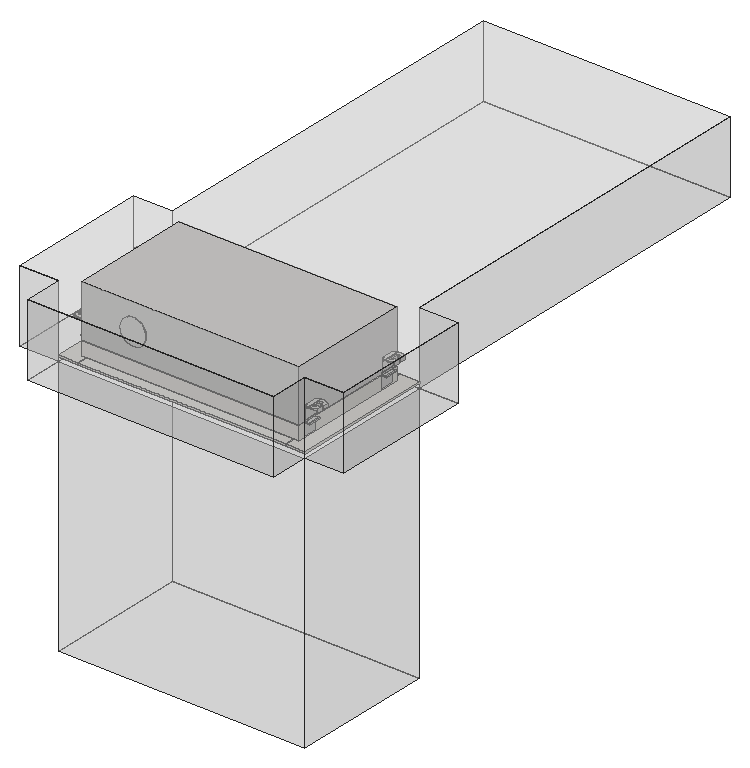
Revit family "outputfile", category 機械設備, Revit 2024
Family settings
  丸型コネクタ寸法 = 半径を使用
  パーツ タイプ = 標準
  OmniClass 番号 = 23.75.10.24.21.27.27
  OmniClass タイトル = Split System Air Conditioning Units
  作業面ベース = いいえ
  常に垂直 = はい
  ロード時にボイドで切り取り = いいえ
  注釈の向きを維持 = いいえ
  共有 = いいえ
  部屋計算ポイント = はい
Parameters (values of type "FXEQ25AV36")
  製造元 = "Daikin"
  書き出し IFC クラス(タイプ) = "IfcUnitaryEquipmentType"
  定義済み IFC タイプ(タイプ) = "AIRCONDITIONINGUNIT"
  モデル = "FXEQ25AV36"
  w_mountinghole = if(Width = 1350 mm, 1303 mm, 903 mm)  # 903 mm
  w_casing = if(Width = 1350 mm, 1240 mm, 840 mm)  # 840 mm
  r_OAduct = OA Duct Size Diameter / 2  # 50 mm
  r_Liquid Pipe Size = Liquid Pipe Size / 2  # 3.2 mm
  r_Gas Pipe Size = Gas Pipe Size / 2  # 6.35 mm
  r_Drain Pipe Size = Drain Pipe Size / 2  # 13.0 mm
  lw_powersuply = w_casing / 2 + 1.5 mm  # 421.5 mm
  lw_gaspipe = w_casing / 2 + 65 mm  # 485 mm
  lw_drainpipe = w_casing / 2 + 32 mm  # 452 mm
  lw_liquidpipe = w_casing / 2 + 55 mm  # 475 mm
  lw_OA = if(Width = 1350 mm, 420 mm, 220 mm)  # 220 mm
  lh_powersuply = 129.2 mm
  lh_liquidpipe = 180 mm
  lh_gaspipe = 138 mm
  lh_drainpipe = 215 mm
  lh_OA = 65 mm
  ld_powersuply = 64.2 mm
  ld_liquidpipe = 26 mm
  ld_gaspipe = 72 mm
  ld_drainpipe = 69 mm
  ld_OA = 235 mm
  h_mountinghole = 115 mm
  h_casing = 255 mm
  h_antenna = h_casing - h_mountinghole + 1 mm  # 141 mm
  d_mountinghole = 371 mm
  d_casing = 470 mm
  Width = 950 mm
  Voltage_comment_50Hz = "220-240"
  Voltage_50Hz = 220 V
  Version = "ver.1.0"
  Unit Type = "Ceiling Mounted Cassette(Single Flow）"
  Unit Mass Weight = 17.00 kg
  Unit Designation [instance] = ""
  Uniclass2015Version = "Products v1.30"
  Uniclass2015Title = "Variable refrigerant flow units"
  Uniclass2015Code = "Pr_70_65_03_94"
  Total Heating Capacity [instance] = 0.000 kW
  Total Cooling Capacity [instance] = 0.000 kW
  Sound Pressure Level_M speed (dBA) = 30
  Sound Pressure Level_L speed (dBA) = 28
  Sound Pressure Level_H speed (dBA) = 32
  Series = "VRV Fan Coil Unit"
  Sensible Cooling Capacity [instance] = 0.000 kW
  Refrigerant Type = "R410A"
  Power Input (Heating) = 0.023 kW
  Power Input (Cooling) = 0.027 kW
  Phase_50Hz = 1
  Option Accessory 3 [instance] = ""
  Option Accessory 2 [instance] = ""
  Option Accessory 1 [instance] = ""
  OA Duct Size Diameter = 100 mm
  Nominal Heating Capacity = 3.200 kW
  Nominal Cooling Capacity = 2.800 kW
  Minimum Circuit Amps_50Hz = 0.4 A
  Minimum Airflow = 288.00 m³/h
  Median Airflow = 348.00 m³/h
  Maximum Fuse Amps_50Hz = 16.0 A
  Maximum Airflow = 414.00 m³/h
  Material_Casing = DAIKIN_GalvanizedSteel_Casing_indoorunit
  Load Classification = HVAC
  Liquid Pipe Size = 6.4 mm
  Link_Nested Family [instance] = ""
  IfcVersion = ""
  IfcExportType = "AIRCONDITIONINGUNIT"
  IfcExportAs = "IfcUnitaryEquipmentType"
  Height = 280 mm
  Heating Entering Wet Bulb Temperature [instance] = 0.00 °C
  Heating Entering Dry Bulb Temperature [instance] = 0.00 °C
  Heating Ambient Wet Bulb Temperature [instance] = 0.00 °C
  Heating Ambient Dry Bulb Temperature [instance] = 0.00 °C
  Heat Exchanger Type = "Cross Fin Coil"
  Gas Pipe Size = 12.7 mm
  Frequency_50Hz = 50 Hz
  Fan Type = "Sirocco Fan"
  Fan Drive = "Direct Drive"
  FCU Tag No. [instance] = ""
  Drain Pipe Size = 26.0 mm
  Design Supply Airflow [instance] = 0.00 m³/h
  Design Outdoor Airflow [instance] = 0.00 m³/h
  Depth = 550 mm
  既定の高さ = 0 mm
  Cooling Entering Wet Bulb Temperature [instance] = 0.00 °C
  Cooling Entering Dry Bulb Temperature [instance] = 0.00 °C
  Cooling Ambient Wet Bulb Temperature [instance] = 0.00 °C
  Cooling Ambient Dry Bulb Temperature [instance] = 0.00 °C
  Clearance visibility [instance] = yes
  Clearance Top = 0 mm
  Clearance Right = 150 mm
  Clearance Rear = 1500 mm
  Clearance Left = 150 mm
  Clearance Front = 150 mm
  Clearance Bottom = 1000 mm
Reference planes
  plane 1 "Center (Front/Back)": y = 0
  plane 2 "ceiling plane": z = 0
  plane 3 "Center (Left/Right)": x = 0
  plane 4 "Back": y = 275
  plane 5 "Front": y = -275
  plane 6 "Left": x = -475
  plane 7 "Right": x = 475
  plane 8 "Top": z = 255
  plane 9 "Bottom": z = -25
  plane 10: x = -420
  plane 11: x = 420
  plane 12: y = 235
  plane 13: y = -235
  plane 14: x = 170
  plane 15: y = 185.5
  plane 16: y = -185.5
  plane 17: x = -451.5
  plane 18: x = 451.5
  plane 19: y = 26
  plane 20: y = 72
  plane 21: y = 69
  plane 22: x = -475
  plane 23: x = -485
  plane 24: x = -452
  plane 25 "Clearance Rear": y = 1775
  plane 26 "Clearance Front": y = -425
  plane 27 "Clearance Left": x = -625
  plane 28 "Clearance Right": x = 625
  plane 29 "Clearance Top": z = 255
  plane 30 "Clearance Bottom": z = -1025
  plane 31: y = -64.2
  plane 32: z = 190
  plane 33: z = 215
  plane 34: y = 69
  plane 35: z = 180
  plane 36: y = 26
  plane 37: z = 138
  plane 38: y = 72
  plane 39: x = -220
Forms (mm)
  Extrusion 1, solid, material "DAIKIN_GalvanizedSteel_Casing_indoorunit" <- "Material_Casing"
    sketch origin (0, 0, 0) x (1, 0, 0) y (0, 1, 0)
      loop
        line (-420, 235) -> (-420, -235) -> (420, -235) -> (420, 235) -> (-420, 235)
    from 55 to 255
  Extrusion 2, solid, material "DAIKIN_GalvanizedSteel_Casing_indoorunit" <- "Material_Casing"
    sketch origin (-1374.64, 235, 1200) x (-1, 0, 0) y (0, 0, 1)
      loop
        circle (-1154.64, -1048) r 50
    from -465 to -470
  Extrusion 3, solid, material "DAIKIN_GalvanizedSteel_Casing_indoorunit" <- "Material_Casing"
    sketch origin (-420, 1296.25, 1200) x (0, 1, 0) y (0, 0, 1)
      loop
        line (-1243.249, -1006) -> (-1211.249, -1006)
        arc (-1211.249, -1006) -> (-1207.714, -1004.536) -> (-1206.249, -1001) r 5
        line (-1206.249, -1001) -> (-1206.249, -969)
        arc (-1206.249, -969) -> (-1207.714, -965.464) -> (-1211.249, -964) r 5
        line (-1211.249, -964) -> (-1243.249, -964)
        arc (-1243.249, -964) -> (-1246.785, -965.464) -> (-1248.249, -969) r 5
        line (-1248.249, -969) -> (-1248.249, -1001)
        arc (-1248.249, -1001) -> (-1246.785, -1004.536) -> (-1243.249, -1006) r 5
    from 0 to -3
  Extrusion 4, solid, material "DAIKIN_GalvanizedSteel_Casing_indoorunit" <- "Material_Casing"
    sketch origin (0, 0, 0) x (1, 0, 0) y (0, 0, 1)
      loop
        line (-438.5, 45) -> (-439.7, 45) -> (-439.7, 30.5)
        arc (-439.7, 30.5) -> (-439.202, 29.298) -> (-438, 28.8) r 1.7
        line (-438, 28.8) -> (-420, 28.8) -> (-420, 30) -> (-438.5, 30) -> (-438.5, 45)
    from 40 to 90
  Extrusion 5, solid, material "DAIKIN_GalvanizedSteel_Casing_indoorunit" <- "Material_Casing"
    sketch origin (0, 0, 0) x (1, 0, 0) y (0, 0, 1)
      loop
        line (-438.5, 31) -> (-437.5, 31) -> (-437.5, 90.772)
        arc (-437.5, 90.772) -> (-437.145, 91.289) -> (-436.535, 91.145) r 0.555
        line (-436.535, 91.145) -> (-428.37, 82.164) -> (-427.63, 82.836) -> (-428.303, 83.576) -> (-435.89, 91.922)
        arc (-435.89, 91.922) -> (-437.541, 92.312) -> (-438.5, 90.913) r 1.5
        line (-438.5, 90.913) -> (-438.5, 31)
    from 40 to 90
  Extrusion 6, solid, material "DAIKIN_GalvanizedSteel_Casing_indoorunit" <- "Material_Casing"
    sketch origin (-420, 1296.25, 1200) x (0, 1, 0) y (0, 0, 1)
      loop
        circle (-1360.45, -1070.8) r 17.5
      loop
        circle (-1415.45, -1105.8) r 17.5
    from 0 to -1.5
  Extrusion 7, solid
    sketch origin (-265.5, 334.5, 0) x (0, 1, 0) y (0, 0, 1)
      loop
        circle (-265.5, 215) r 13
    from -154.5 to -186.5
  Extrusion 8, solid
    sketch origin (-420, 1296.25, 1200) x (0, 1, 0) y (0, 0, 1)
      loop
        circle (-1270.25, -1020) r 3.2
    from 0 to -55
  Extrusion 9, solid
    sketch origin (7, 137, 0) x (0, 1, 0) y (0, 0, 1)
      loop
        circle (-65, 138) r 6.35
    from -427 to -492
  Extrusion 10, solid, material "DAIKIN_GalvanizedSteel_Casing_indoorunit" <- "Material_Casing"
    sketch origin (-420, 1296.25, 1200) x (0, 1, 0) y (0, 0, 1)
      loop
        line (-1239.914, -1060.321) -> (-1240.938, -1060.321)
        arc (-1240.938, -1060.321) -> (-1241.786, -1060.672) -> (-1242.138, -1061.521) r 1.2
        line (-1242.138, -1061.521) -> (-1242.138, -1062.819) -> (-1250.138, -1062.821) -> (-1250.138, -1017.143)
        arc (-1250.138, -1017.143) -> (-1250.43, -1016.436) -> (-1251.138, -1016.143) r 1
        line (-1251.138, -1016.143) -> (-1257.415, -1016.143)
        arc (-1257.415, -1016.143) -> (-1258.122, -1016.436) -> (-1258.415, -1017.143) r 1
        line (-1258.415, -1017.143) -> (-1258.415, -1020)
        arc (-1258.415, -1020) -> (-1270.25, -1031.835) -> (-1282.086, -1020) r 11.835
        line (-1282.086, -1020) -> (-1282.086, -1017.143)
        arc (-1282.086, -1017.143) -> (-1282.379, -1016.436) -> (-1283.086, -1016.143) r 1
        line (-1283.086, -1016.143) -> (-1306.138, -1016.143)
        arc (-1306.138, -1016.143) -> (-1308.259, -1017.022) -> (-1309.138, -1019.143) r 3
        line (-1309.138, -1019.143) -> (-1309.138, -1145) -> (-1189.638, -1145) -> (-1189.638, -1063.321)
        arc (-1189.638, -1063.321) -> (-1190.516, -1061.199) -> (-1192.638, -1060.321) r 3
        line (-1192.638, -1060.321) -> (-1209.75, -1060.321) -> (-1209.75, -1062)
        arc (-1209.75, -1062) -> (-1224.485, -1076.498) -> (-1238.743, -1061.53) r 14.5
        arc (-1238.743, -1061.53) -> (-1239.072, -1060.677) -> (-1239.914, -1060.321) r 1.172
    from 0 to -1
Dimensions and locks
  "Width": plane 6 "Left" to plane 7 "Right"
  "Depth": plane 4 "Back" to plane 5 "Front"
  "Height": plane 8 "Top" to plane 9 "Bottom"
  equal spacing: plane 12, plane 1 "Center (Front/Back)", plane 13
  "d_casing": plane 12 to plane 13
  equal spacing: plane 6 "Left", plane 3 "Center (Left/Right)", plane 7 "Right"
  "w_casing": plane 10 to plane 11
  locked: plane 14 to plane 11 at 250
  "h_casing": plane 8 "Top" to level
  equal spacing: plane 15, plane 1 "Center (Front/Back)", plane 16
  "d_mountinghole": plane 15 to plane 16
  equal spacing: plane 17, plane 3 "Center (Left/Right)", plane 18
  "w_mountinghole": plane 17 to plane 18
  "ld_liquidpipe": plane 1 "Center (Front/Back)" to plane 19
  "ld_gaspipe": plane 1 "Center (Front/Back)" to plane 20
  "ld_drainpipe": plane 1 "Center (Front/Back)" to plane 21
  "Clearance Left": plane 27 "Clearance Left" to plane 6 "Left"
  "Clearance Right": plane 7 "Right" to plane 28 "Clearance Right"
  "Clearance Front": plane 5 "Front" to plane 26 "Clearance Front"
  "Clearance Rear": plane 25 "Clearance Rear" to plane 4 "Back"
  "Clearance Top": plane 29 "Clearance Top" to plane 8 "Top"
  "Clearance Bottom": plane 9 "Bottom" to plane 30 "Clearance Bottom"
  "lh_OA": plane 29 "Clearance Top" to plane 32
  equal spacing: plane 4 "Back", plane 1 "Center (Front/Back)", plane 5 "Front"
  equal spacing: plane 10, plane 3 "Center (Left/Right)", plane 11
  "lw_OA": plane 3 "Center (Left/Right)" to Extrusion 2 sketch curve
  Extrusion 2 sketch curve to level = 152 mm
  locked: plane 10 to Extrusion 4 sketch curve at 18.5
  locked: Extrusion 4 sketch curve to Extrusion 4 sketch curve at 1.2
  locked: Extrusion 4 to Extrusion 5 sketch curve at 1
  "ld_powersuply": plane 31 to plane 1 "Center (Front/Back)"
  "lw_drainpipe": plane 24 to plane 3 "Center (Left/Right)"
  "ld_drainpipe": plane 34 to plane 1 "Center (Front/Back)"
  locked: Extrusion 7 sketch curve to level at 215
  "lw_liquidpipe": plane 22 to plane 3 "Center (Left/Right)"
  "lw_gaspipe": plane 23 to plane 3 "Center (Left/Right)"
  "lw_OA": plane 39 to plane 3 "Center (Left/Right)"
  "r_Drain Pipe Size": radius of Extrusion 7 sketch curve
  "r_Liquid Pipe Size": radius of Extrusion 8 sketch curve
  "r_Gas Pipe Size": radius of Extrusion 9 sketch curve
  aligned and locked: level to plane 2 "ceiling plane"
  aligned and locked: plane 6 "Left" to nested 1
  aligned and locked: plane 9 "Bottom" to nested 1
  aligned and locked: Extrusion 1 sketch curve to plane 10
  aligned and locked: plane 12 to Extrusion 1 sketch curve
  aligned and locked: Extrusion 1 sketch curve to plane 13
  aligned and locked: plane 11 to Extrusion 1 sketch curve
  aligned and locked: plane 8 "Top" to Extrusion 1
  aligned and locked: plane 11 to nested 2
  aligned and locked: plane 10 to nested 3
  aligned and locked: nested 7 to plane 15
  aligned and locked: plane 18 to nested 7
  aligned and locked: nested 6 to plane 16
  aligned and locked: plane 18 to nested 6
  aligned and locked: nested 4 to plane 15
  aligned and locked: plane 17 to nested 4
  aligned and locked: nested 5 to plane 16
  aligned and locked: plane 17 to nested 5
  aligned and locked: plane 1 "Center (Front/Back)" to nested 8
  aligned and locked: plane 3 "Center (Left/Right)" to nested 8
  aligned and locked: plane 29 "Clearance Top" to nested 8
  aligned and locked: plane 1 "Center (Front/Back)" to nested 1
  aligned and locked: plane 3 "Center (Left/Right)" to nested 1
  aligned and locked: nested 3 to plane 15
  aligned and locked: nested 9 to plane 16
  aligned and locked: plane 10 to nested 9
  aligned and locked: plane 15 to nested 2
  aligned and locked: plane 16 to nested 10
  aligned and locked: plane 11 to nested 10
  aligned and locked: Extrusion 2 to plane 13
  aligned and locked: Extrusion 4 sketch curve to plane 10
  aligned and locked: Extrusion 4 to Extrusion 5 sketch curve
  aligned and locked: plane 3 "Center (Left/Right)" to nested 11
  aligned and locked: nested 12 to plane 3 "Center (Left/Right)"
  aligned and locked: plane 34 to Extrusion 7 sketch curve
  aligned and locked: Extrusion 7 to plane 24
  aligned and locked: plane 10 to Extrusion 7
  aligned and locked: nested 13 to plane 19
  aligned and locked: nested 13 to plane 3 "Center (Left/Right)"
  aligned and locked: plane 35 to Extrusion 8 sketch curve
  aligned and locked: plane 36 to Extrusion 8 sketch curve
  aligned and locked: Extrusion 8 to plane 22
  aligned and locked: nested 14 to plane 3 "Center (Left/Right)"
  aligned and locked: plane 37 to Extrusion 9 sketch curve
  aligned and locked: plane 38 to Extrusion 9 sketch curve
  aligned and locked: Extrusion 9 to plane 23
  aligned and locked: plane 10 to Extrusion 9
  aligned and locked: plane 39 to nested 15
  aligned and locked: plane 1 "Center (Front/Back)" to nested 15
Automatic sketch dimensions
  Extrusion 3 sketch curve to plane 1 "Center (Front/Back)" = 48.001 mm
  Extrusion 3 sketch curve to Extrusion 3 sketch curve = 5 mm  (x3)
  plane 32 to Extrusion 3 sketch curve = 4 mm
  Extrusion 3 sketch curve to Extrusion 3 sketch curve = 32 mm
  Extrusion 3 sketch curve to Extrusion 3 sketch curve = 0 mm
  Extrusion 3 sketch curve to plane 8 "Top" = 24 mm
  plane 17 to Extrusion 4 sketch curve = 13.5 mm
  level to Extrusion 4 sketch curve = 28.8 mm
  Extrusion 4 sketch curve to Extrusion 4 sketch curve = 0.5 mm
  Extrusion 4 sketch curve to Extrusion 4 sketch curve = 14.5 mm
  Extrusion 5 sketch curve to Extrusion 5 sketch curve = 0.5 mm
  Extrusion 5 sketch curve to Extrusion 5 sketch curve = 0.055 mm
  Extrusion 5 sketch curve to Extrusion 5 sketch curve = 0.465 mm
  Extrusion 5 sketch curve to Extrusion 5 sketch curve = 0.645 mm
  Extrusion 5 sketch curve to plane 10 = 8.37 mm
  Extrusion 5 sketch curve to Extrusion 5 sketch curve = 0.067 mm
  Extrusion 5 sketch curve to Extrusion 5 sketch curve = 0.673 mm  (x2)
  level to Extrusion 5 sketch curve = 31 mm
  Extrusion 5 sketch curve to Extrusion 5 sketch curve = 51.164 mm
  Extrusion 5 sketch curve to Extrusion 5 sketch curve = 0.74 mm
  Extrusion 5 sketch curve to Extrusion 5 sketch curve = 0.141 mm
  Extrusion 10 sketch curve to plane 19 = 0 mm
  Extrusion 10 sketch curve to plane 20 = 0 mm
  Extrusion 10 sketch curve to Extrusion 10 sketch curve = 11.835 mm
  Extrusion 10 sketch curve to Extrusion 10 sketch curve = 1 mm  (x2)
  Extrusion 10 sketch curve to plane 32 = 6.143 mm
  plane 1 "Center (Front/Back)" to Extrusion 10 sketch curve = 9.887 mm
  plane 1 "Center (Front/Back)" to Extrusion 10 sketch curve = 12.887 mm
  Extrusion 10 sketch curve to Extrusion 10 sketch curve = 6.277 mm
  plane 19 to Extrusion 10 sketch curve = 20.113 mm
  Extrusion 10 sketch curve to Extrusion 10 sketch curve = 8 mm
  Extrusion 10 sketch curve to Extrusion 10 sketch curve = 1.2 mm
  Extrusion 10 sketch curve to Extrusion 10 sketch curve = 1.024 mm
  Extrusion 10 sketch curve to Extrusion 10 sketch curve = 0 mm  (x3)
  plane 20 to Extrusion 10 sketch curve = 14.5 mm
  Extrusion 10 sketch curve to Extrusion 10 sketch curve = 17.113 mm
  Extrusion 10 sketch curve to Extrusion 10 sketch curve = 3 mm
  Extrusion 10 sketch curve to plane 32 = 10 mm
  Extrusion 10 sketch curve to Extrusion 10 sketch curve = 40.321 mm
  Extrusion 10 sketch curve to Extrusion 10 sketch curve = 1.172 mm
  Extrusion 10 sketch curve to Extrusion 10 sketch curve = 1.679 mm
  Extrusion 10 sketch curve to Extrusion 10 sketch curve = 1.298 mm
  Extrusion 10 sketch curve to Extrusion 10 sketch curve = 0.002 mm
  level to Extrusion 10 sketch curve = 55 mm
  Extrusion 10 sketch curve to Extrusion 10 sketch curve = 2.857 mm
  radius of Extrusion 2 sketch curve = 50 mm
Nested families
  nested 1: "daikin_round flow_panel" at (0, 0, 0), type "fresh white"
  nested 2: "daikin_hangerfixture_FXEQ-AV36" at (420, 185.5, 115) x (0, 1, 0) z (0, 0, 1), built-in parameter 1001364 <- "h_mountinghole", type "daikin_hangerfixture_FXEQ-AV36"
  nested 3: "daikin_hangerfixture_FXEQ-AV36" at (-420, 185.5, 115) x (0, 1, 0) z (0, 0, 1), built-in parameter 1001364 <- "h_mountinghole", type "daikin_hangerfixture_FXEQ-AV36"
  nested 4: "daikin_mountinghole" at (-451.5, 185.5, 0), l_antenna <- "h_antenna", Link_Nested Family <- "Link_Nested Family", h_mountinghole <- "h_mountinghole", type "daikin_mountinghole"
    with show yes, l_antenna 141 mm, h_mountinghole 115 mm, Link_Nested Family ""
  nested 5: "daikin_mountinghole" at (-451.5, -185.5, 0), l_antenna <- "h_antenna", Link_Nested Family <- "Link_Nested Family", h_mountinghole <- "h_mountinghole", type "daikin_mountinghole"
    with show yes, l_antenna 141 mm, h_mountinghole 115 mm, Link_Nested Family ""
  nested 6: "daikin_mountinghole" at (451.5, -185.5, 0), l_antenna <- "h_antenna", Link_Nested Family <- "Link_Nested Family", h_mountinghole <- "h_mountinghole", type "daikin_mountinghole"
    with show yes, l_antenna 141 mm, h_mountinghole 115 mm, Link_Nested Family ""
  nested 7: "daikin_mountinghole" at (451.5, 185.5, 0), l_antenna <- "h_antenna", Link_Nested Family <- "Link_Nested Family", h_mountinghole <- "h_mountinghole", type "daikin_mountinghole"
    with show yes, l_antenna 141 mm, h_mountinghole 115 mm, Link_Nested Family ""
  nested 8: "daikin_clearancespace_cassette" at (0, 0, 115), depth_outline <- "Depth", height_outline <- "Height", width_outline <- "Width", depth_front <- "Clearance Front", depth_rear <- "Clearance Rear", height_bottom <- "Clearance Bottom", height_top <- "Clearance Top", width_left <- "Clearance Left", width_right <- "Clearance Right", show <- "Clearance visibility", visible <- "Clearance visibility", Link_Nested Family <- "Link_Nested Family", type "daikin_clearancespace_cassette"
    with width_right 150 mm, width_outline 950 mm, width_left 150 mm, width 1823.963 mm, show yes, height_top 0 mm, height_outline 280 mm, height_bottom 1000 mm, height 1359.762 mm, depth_rear 1500 mm, depth_outline 550 mm, depth_front 150 mm, depth 880 mm, Link_Nested Family ""
  nested 9: "daikin_hangerfixture_FXEQ-AV36" at (-420, -185.5, 115) x (0, 1, 0) z (0, 0, 1), built-in parameter 1001364 <- "h_mountinghole", type "daikin_hangerfixture_FXEQ-AV36"
  nested 10: "daikin_hangerfixture_FXEQ-AV36" at (420, -185.5, 115) x (0, 1, 0) z (0, 0, 1), built-in parameter 1001364 <- "h_mountinghole", type "daikin_hangerfixture_FXEQ-AV36"
  nested 11: "daikin_connector_rotate2" at (0, -64.2, 129.2) x (0, 1, 0) z (0, 0, 1), length <- "lw_powersuply", built-in parameter 1001364 <- "lh_powersuply", type "daikin_connector_rotate2"
    with radius 10 mm, length 421.5 mm, angle_vertical 90.00°
  nested 12: "daikin_connector_rotate2" at (0, 69, 215) x (0, -1, 0) z (0, 0, 1), built-in parameter 1001364 <- "lh_drainpipe", radius <- "r_Drain Pipe Size", length <- "lw_drainpipe", type "daikin_connector_rotate2"
    with radius 13 mm, length 452 mm, angle_vertical 90.00°
  nested 13: "daikin_connector_rotate2" at (0, 26, 180) x (0, -1, 0) z (0, 0, 1), built-in parameter 1001364 <- "lh_liquidpipe", radius <- "r_Liquid Pipe Size", length <- "lw_liquidpipe", type "daikin_connector_rotate2"
    with radius 3.2 mm, length 475 mm, angle_vertical 90.00°
  nested 14: "daikin_connector_rotate2" at (0, 72, 138) x (0, -1, 0) z (0, 0, 1), built-in parameter 1001364 <- "lh_gaspipe", radius <- "r_Gas Pipe Size", length <- "lw_gaspipe", type "daikin_connector_rotate2"
    with radius 6.35 mm, length 485 mm, angle_vertical 90.00°
  nested 15: "daikin_connector_rotate2" at (-220, 0, 152), radius <- "r_OAduct", length <- "ld_OA", type "daikin_connector_rotate2"
    with radius 50 mm, length 235 mm, angle_vertical 90.00°
Connectors
  electrical at (-421.5, -64.2, 129.2), driven by "Load Classification"
    settings: on nested 11, index 6, voltage 0 V, apparent load 0 VA, apparent load phase1 0 VA, apparent load phase2 0 VA, apparent load phase3 0 VA, power factor 1, load classification "HVAC", number of poles 1, system type 30, power factor state 1, is connector primary yes, connector utility no, sub classification motor no, connector description "Power Supply"
  piping at (-452, 69, 215), diameter 26, driven by "r_Drain Pipe Size"
    settings: on nested 12, index 7, connector inside diameter 609.6 mm, connector length 0 mm, flow factor 0, pipe flow 0.00 m³/h, pressure drop 0.0 Pa, fitting loss kfactor 0, connector angle 0.00°, fixture units 0, engagement length 0 mm, angle of deflection 0.00°, flow configuration 1, flow direction 2, fitting loss method 4, system type 16, joint type 0, gender type 0, connector reference index -1, connector utility 0, adjustable connector no, is connector primary yes, connector description "Condensate Drain Piping"
  piping at (-475, 26, 180), diameter 6.4, driven by "r_Liquid Pipe Size"
    settings: on nested 13, index 8, connector inside diameter 609.6 mm, connector length 0 mm, flow factor 0, pipe flow 0.00 m³/h, pressure drop 0.0 Pa, fitting loss kfactor 0, connector angle 0.00°, fixture units 0, engagement length 0 mm, angle of deflection 0.00°, flow configuration 1, flow direction 1, fitting loss method 0, system type 29, joint type 0, gender type 0, connector reference index -1, connector utility 0, adjustable connector no, is connector primary no, connector description "Refrigerant Liquid Piping"
  hvac at (-220, -235, 152), driven by "r_OAduct"
    settings: on Extrusion 2, index 9, duct flow 0.00 m³/h, flow factor 0, pres drop 0.00 Pa, loss coef 0, conn angle 0.00°, conn width 304.8 mm, conn height 304.8 mm, conn diameter 100.0 mm, duct sys type 1, conn prof type 0, flow config 0, flow direction 1, loss method 4, conn ref index -1, conn util no, is conn primary yes, conn desc "OA Duct"
  piping at (-485, 72, 138), diameter 12.7, driven by "r_Gas Pipe Size"
    settings: on nested 14, index 10, connector inside diameter 609.6 mm, connector length 0 mm, flow factor 0, pipe flow 0.00 m³/h, pressure drop 0.0 Pa, fitting loss kfactor 0, connector angle 0.00°, fixture units 0, engagement length 0 mm, angle of deflection 0.00°, flow configuration 1, flow direction 2, fitting loss method 0, system type 29, joint type 0, gender type 0, connector reference index -1, connector utility 0, adjustable connector no, is connector primary no, connector description "Refrigerant Gas Piping"
Definition of nested family "daikin_round flow_panel"
  Parameters (values of type "fresh white")
    width = if(W = 950 mm, 950 mm, 1350 mm)  # 950 mm
    w_casing = width - 110 mm  # 840 mm
    material_panel = none
    material_casing = none
    height = 50 mm
    depth = 550 mm  # constant formula
    d_casing = 470 mm  # constant formula
    W = 950 mm
    Default Elevation = 0 mm
    L = if(W = 950 mm, 170 mm, 208 mm)  # 170 mm
  Reference planes
    plane 1 "Center (Front/Back)": y = 0
    plane 2: z = 0
    plane 3 "Center (Left/Right)": x = 0
    plane 4: y = 275
    plane 5: y = -275
    plane 6: x = -475
    plane 7: x = 475
    plane 8 "Bottom": z = -25
    plane 9: y = 235
    plane 10: y = -235
    plane 11: x = -420
    plane 12: x = 420
    plane 13: z = 50
    plane 14: x = -305
  Forms (mm)
    Extrusion 1, solid, material <- "material_panel"
      sketch origin (0, 0, 0) x (1, 0, 0) y (0, 0, 1)
        loop
          line (-400, -25) -> (-400, 0) -> (-475, 0) -> (-475, -8.325)
          arc (-475, -8.325) -> (-438.157, -19.618) -> (-400, -25) r 245.193
        loop
          arc (400, -25) -> (438.157, -19.618) -> (475, -8.325) r 245.193
          line (475, -8.325) -> (475, 0) -> (400, 0) -> (400, -25)
      from -275 to 275
    Extrusion 2, solid, material <- "material_panel"
      sketch origin (0, 0, 0) x (1, 0, 0) y (0, 0, 1)
        loop
          line (-400, 0) -> (-400, -17.308) -> (400, -17.303) -> (400, 0) -> (-400, 0)
      from 235 to 275
    Extrusion 3, solid, material <- "material_panel"
      sketch origin (0, 510, 0) x (1, 0, 0) y (0, 0, 1)
        loop
          line (-400, 0) -> (-400, -17.308) -> (400, -17.303) -> (400, 0) -> (-400, 0)
      from 235 to 275
    Extrusion 4, solid, material <- "material_panel"
      sketch origin (0, 0, 0) x (1, 0, 0) y (0, 0, 1)
        loop
          line (-400, 0) -> (-400, -23) -> (400, -23) -> (400, 0) -> (-400, 0)
      from 5 to 235
    Extrusion 5, solid, material <- "material_panel"
      sketch origin (0, 0, 0) x (1, 0, 0) y (0, 0, 1)
        loop
          line (-400, 0) -> (-400, -25) -> (400, -25) -> (400, 0) -> (-400, 0)
      from 5 to -150
    Extrusion 6, solid, material <- "material_panel"
      sketch origin (0, 0, 0) x (1, 0, 0) y (0, 1, 0)
        loop
          line (-400, 235) -> (-400, 179) -> (-305, 179) -> (-305, 235) -> (-400, 235)
      from 0 to -17.308
    Extrusion 7, solid, material <- "material_panel"
      sketch origin (0, 0, 0) x (1, 0, 0) y (0, 1, 0)
        loop
          line (-400, 179) -> (-400, 150) -> (-305, 150) -> (-305, 179) -> (-400, 179)
      from 0 to -17.3
    Extrusion 8, solid, material <- "material_panel"
      sketch origin (0, 0, 0) x (1, 0, 0) y (0, 1, 0)
        loop
          line (-305, 235) -> (-305, 202.5) -> (400, 202.5) -> (400, 235) -> (-305, 235)
      from 0 to -17.3
    Extrusion 9, solid, material <- "material_panel"
      sketch origin (0, 0, 0) x (1, 0, 0) y (0, 1, 0)
        loop
          line (-305, 202.5) -> (-305, 179) -> (400, 179) -> (400, 202.5) -> (-305, 202.5)
      from 0 to -17.3
    Extrusion 10, solid, material <- "material_panel"
      sketch origin (0, 0, 0) x (1, 0, 0) y (0, 1, 0)
        loop
          line (-420, 235) -> (-420, -235) -> (420, -235) -> (420, 235) -> (-420, 235)
      from 0 to 50
    Extrusion 11, void
      sketch origin (0, 0, 0) x (0, 1, 0) y (0, 0, 1)
        loop
          line (-275, -7.476) -> (-275, -25) -> (-152.477, -25)
          arc (-152.477, -25) -> (-214.362, -20.597) -> (-275, -7.476) r 437.093
        loop
          arc (275, -7.476) -> (214.362, -20.597) -> (152.477, -25) r 437.093
          line (152.477, -25) -> (275, -25) -> (275, -7.476)
      from 475 to -475
  Cuts and joins
    Extrusion 11 cuts Extrusion 2
    Extrusion 11 cuts Extrusion 3
    Extrusion 11 cuts Extrusion 4
    Extrusion 11 cuts Extrusion 1
  Dimensions and locks
    "width": plane 6 to plane 7
    "depth": plane 4 to plane 5
    equal spacing: plane 6, plane 3 "Center (Left/Right)", plane 7
    equal spacing: plane 4, plane 1 "Center (Front/Back)", plane 5
    equal spacing: plane 9, plane 1 "Center (Front/Back)", plane 10
    "d_casing": plane 9 to plane 10
    equal spacing: plane 11, plane 3 "Center (Left/Right)", plane 12
    "w_casing": plane 11 to plane 12
    locked: level to plane 8 "Bottom" at 25
    "height": plane 13 to level
    locked: Extrusion 1 sketch curve to Extrusion 1 sketch curve at 75  (x2)
    locked: plane 9 to Extrusion 6 sketch curve at 56
    "L": plane 6 to plane 14
    aligned and locked: level to plane 2
    aligned and locked: Extrusion 1 sketch curve to level
    aligned and locked: level to Extrusion 1 sketch curve
    aligned and locked: plane 4 to Extrusion 1
    aligned and locked: Extrusion 1 to plane 5
    aligned and locked: Extrusion 1 to plane 6
    aligned and locked: plane 7 to Extrusion 1
    aligned and locked: Extrusion 2 sketch curve to level
    aligned and locked: Extrusion 1 to Extrusion 2 sketch curve
    aligned and locked: Extrusion 2 sketch curve to Extrusion 1
    aligned and locked: plane 4 to Extrusion 3
    aligned and locked: Extrusion 3 to plane 9
    aligned and locked: Extrusion 4 sketch curve to Extrusion 1
    aligned and locked: Extrusion 1 to Extrusion 4 sketch curve
    aligned and locked: Extrusion 4 to plane 10
    aligned and locked: Extrusion 5 sketch curve to level
    aligned and locked: plane 8 "Bottom" to Extrusion 5 sketch curve
    aligned and locked: Extrusion 5 sketch curve to Extrusion 1  (x2)
    aligned and locked: Extrusion 6 sketch curve to plane 9
    aligned and locked: Extrusion 1 to Extrusion 7 sketch curve
    aligned and locked: Extrusion 7 sketch curve to plane 14
    aligned and locked: Extrusion 6 to Extrusion 7 sketch curve
    aligned and locked: Extrusion 5 to Extrusion 7 sketch curve
    aligned and locked: Extrusion 8 sketch curve to plane 9
    aligned and locked: plane 14 to Extrusion 8 sketch curve
    aligned and locked: Extrusion 1 to Extrusion 8 sketch curve
    aligned and locked: plane 14 to Extrusion 9 sketch curve
    aligned and locked: Extrusion 9 sketch curve to Extrusion 8
    aligned and locked: Extrusion 9 sketch curve to Extrusion 7
    aligned and locked: Extrusion 1 to Extrusion 9 sketch curve
    aligned and locked: plane 14 to Extrusion 6
    aligned and locked: plane 11 to Extrusion 10 sketch curve
    aligned and locked: Extrusion 10 sketch curve to plane 12
    aligned and locked: plane 10 to Extrusion 10 sketch curve
    aligned and locked: Extrusion 10 sketch curve to plane 9
    aligned and locked: plane 13 to Extrusion 10
    aligned and locked: plane 8 "Bottom" to Extrusion 1 sketch curve  (x2)
    aligned and locked: Extrusion 11 sketch curve to plane 8 "Bottom"
    aligned and locked: Extrusion 11 sketch curve to plane 5
    aligned and locked: plane 7 to Extrusion 11
    aligned and locked: Extrusion 11 to plane 6
  Automatic sketch dimensions
    Extrusion 1 sketch curve to plane 6 = 0 mm
    Extrusion 1 sketch curve to plane 7 = 0 mm
    plane 11 to Extrusion 1 sketch curve = 35.058 mm
    Extrusion 1 sketch curve to plane 12 = 35.058 mm
    Extrusion 1 sketch curve to level = 8.325 mm  (x2)
    plane 8 "Bottom" to Extrusion 2 sketch curve = 7.697 mm
    plane 8 "Bottom" to Extrusion 2 sketch curve = 7.692 mm
    Extrusion 3 sketch curve to level = 0 mm
    plane 8 "Bottom" to Extrusion 3 sketch curve = 7.692 mm
    plane 11 to Extrusion 3 sketch curve = 20 mm
    plane 8 "Bottom" to Extrusion 3 sketch curve = 7.697 mm
    Extrusion 3 sketch curve to plane 12 = 20 mm
    Extrusion 4 sketch curve to level = 0 mm
    plane 8 "Bottom" to Extrusion 4 sketch curve = 2 mm
    plane 11 to Extrusion 6 sketch curve = 20 mm
    Extrusion 6 sketch curve to Extrusion 6 sketch curve = 95 mm
    Extrusion 8 sketch curve to plane 9 = 32.5 mm
    Extrusion 11 sketch curve to plane 8 "Bottom" = 0 mm
    Extrusion 11 sketch curve to plane 4 = 0 mm
    plane 10 to Extrusion 11 sketch curve = 82.523 mm
    Extrusion 11 sketch curve to plane 9 = 82.523 mm
    Extrusion 11 sketch curve to level = 7.476 mm  (x2)
Definition of nested family "daikin_hangerfixture_FXEQ-AV36"
  Parameters (values of type "daikin_hangerfixture_FXEQ-AV36")
    width = 495 mm
    material = none
    height = 40 mm
    depth = 40 mm
    Default Elevation = 0 mm
  Reference planes
    plane 1 "Center (Front/Back)": y = 0
    plane 2: z = 0
    plane 3 "Center (Left/Right)": x = 0
  Forms (mm)
    Extrusion 1, solid, material <- "material"
      sketch origin (0, 0, 0) x (0, 1, 0) y (0, 0, 1)
        loop
          line (-49.5, -1.6) -> (-17, -1.6) -> (-14, -4.6) -> (-4.6, -4.6) -> (-4.6, -51.598) -> (-1.601, -54.597) -> (-1.6, -60) -> (-17, -60) -> (-17, -61.598) -> (0, -61.598) -> (0, 0) -> (-51.1, 0) -> (-51.1, -11.6) -> (-49.5, -11.6) -> (-49.5, -1.6)
      from -32.001 to 31.999
    Extrusion 2, void
      sketch origin (0, 0, 0) x (1, 0, 0) y (0, 1, 0)
        loop
          arc (-12.501, -25.5) -> (-18.501, -31.5) -> (-12.501, -37.5) r 6
          line (-12.501, -37.5) -> (-6.501, -37.5) -> (-6.501, -51.1) -> (6.499, -51.1) -> (6.499, -37.5) -> (12.499, -37.5)
          arc (12.499, -37.5) -> (18.499, -31.5) -> (12.499, -25.5) r 6
          line (12.499, -25.5) -> (-12.501, -25.5)
        loop
          line (-25.001, 0) -> (-32.001, 0) -> (-32.001, -14) -> (-25.001, -7.5) -> (-25.001, 0)
        loop
          line (24.999, 0) -> (24.999, -7.5) -> (31.999, -14) -> (31.999, 0) -> (24.999, 0)
        loop
          line (22.999, -49.5) -> (22.999, -51.1) -> (31.999, -51.1) -> (31.999, -28.715)
          arc (31.999, -28.715) -> (29.652, -40.04) -> (22.999, -49.5) r 28.5
        loop
          line (-32.001, -28.715) -> (-32.001, -51.1) -> (-23.001, -51.1) -> (-23.001, -49.5)
          arc (-23.001, -49.5) -> (-29.654, -40.04) -> (-32.001, -28.715) r 28.5
      from -61.6 to 0
    Extrusion 3, solid, material <- "material"
      sketch origin (0, 0, 0) x (0, 1, 0) y (0, 0, 1)
        loop
          line (0, -61.598) -> (-20, -61.598) -> (-20, -63.198) -> (-1.6, -63.198) -> (-1.6, -107.598) -> (0, -107.598) -> (0, -61.598)
      from -24.998 to 25.002
    Extrusion 4, void
      sketch origin (0, 0, 0) x (1, 0, 0) y (0, 0, 1)
        loop
          line (24.999, -59.998) -> (24.999, -61.598) -> (31.999, -61.598) -> (31.999, -59.998) -> (24.999, -59.998)
        loop
          line (-25.001, -59.998) -> (-32.001, -59.998) -> (-32.001, -61.598) -> (-25.001, -61.598) -> (-25.001, -59.998)
      from 0 to 17
  Cuts and joins
    Extrusion 2, Extrusion 4 cuts Extrusion 1
  Dimensions and locks
    aligned and locked: level to plane 2
    aligned and locked: level to Extrusion 2
  Automatic sketch dimensions
    Extrusion 1 sketch curve to level = 0 mm
    Extrusion 1 sketch curve to plane 1 "Center (Front/Back)" = 0 mm
    plane 1 "Center (Front/Back)" to Extrusion 1 sketch curve = 1.6 mm
    plane 1 "Center (Front/Back)" to Extrusion 1 sketch curve = 1.601 mm
    Extrusion 1 sketch curve to Extrusion 1 sketch curve = 2.999 mm  (x2)
    Extrusion 1 sketch curve to level = 4.6 mm
    Extrusion 1 sketch curve to Extrusion 1 sketch curve = 9.4 mm
    Extrusion 1 sketch curve to Extrusion 1 sketch curve = 15.4 mm
    Extrusion 1 sketch curve to level = 1.6 mm
    Extrusion 1 sketch curve to Extrusion 1 sketch curve = 3 mm
    Extrusion 1 sketch curve to Extrusion 1 sketch curve = 32.5 mm
    Extrusion 1 sketch curve to Extrusion 1 sketch curve = 1.6 mm
    Extrusion 1 sketch curve to Extrusion 1 sketch curve = 10 mm
    Extrusion 1 sketch curve to Extrusion 1 sketch curve = 46.998 mm
    Extrusion 1 sketch curve to Extrusion 1 sketch curve = 5.403 mm
    Extrusion 1 sketch curve to Extrusion 1 sketch curve = 1.598 mm
    plane 1 "Center (Front/Back)" to Extrusion 2 sketch curve = 0 mm  (x2)
    Extrusion 2 sketch curve to plane 3 "Center (Left/Right)" = 32.001 mm
    Extrusion 2 sketch curve to Extrusion 2 sketch curve = 0 mm
    plane 1 "Center (Front/Back)" to Extrusion 2 sketch curve = 7.5 mm  (x2)
    Extrusion 2 sketch curve to Extrusion 2 sketch curve = 7 mm  (x2)
    Extrusion 2 sketch curve to Extrusion 2 sketch curve = 9 mm  (x3)
    Extrusion 2 sketch curve to plane 3 "Center (Left/Right)" = 12.501 mm
    Extrusion 2 sketch curve to plane 3 "Center (Left/Right)" = 6.501 mm
    Extrusion 2 sketch curve to plane 3 "Center (Left/Right)" = 3.501 mm
    plane 3 "Center (Left/Right)" to Extrusion 2 sketch curve = 3.499 mm
    plane 3 "Center (Left/Right)" to Extrusion 2 sketch curve = 6.499 mm
    plane 3 "Center (Left/Right)" to Extrusion 2 sketch curve = 24.999 mm
    Extrusion 2 sketch curve to Extrusion 2 sketch curve = 6.5 mm  (x2)
    Extrusion 2 sketch curve to Extrusion 2 sketch curve = 18 mm
    Extrusion 2 sketch curve to Extrusion 2 sketch curve = 3.215 mm
    Extrusion 2 sketch curve to Extrusion 2 sketch curve = 14.715 mm
    Extrusion 2 sketch curve to Extrusion 2 sketch curve = 6 mm  (x2)
    Extrusion 2 sketch curve to Extrusion 2 sketch curve = 12 mm
    Extrusion 2 sketch curve to Extrusion 2 sketch curve = 13.6 mm
    Extrusion 2 sketch curve to Extrusion 2 sketch curve = 1.6 mm  (x2)
    Extrusion 3 sketch curve to Extrusion 3 sketch curve = 1.6 mm
    Extrusion 3 sketch curve to Extrusion 3 sketch curve = 18.4 mm
    Extrusion 3 sketch curve to plane 1 "Center (Front/Back)" = 0 mm
    plane 1 "Center (Front/Back)" to Extrusion 3 sketch curve = 1.6 mm
    Extrusion 3 sketch curve to Extrusion 3 sketch curve = 44.4 mm
    Extrusion 3 sketch curve to level = 61.598 mm
    Extrusion 4 sketch curve to plane 3 "Center (Left/Right)" = 32.001 mm
    Extrusion 4 sketch curve to Extrusion 4 sketch curve = 7 mm  (x2)
    plane 3 "Center (Left/Right)" to Extrusion 4 sketch curve = 24.999 mm
    Extrusion 4 sketch curve to level = 61.598 mm
    Extrusion 4 sketch curve to Extrusion 4 sketch curve = 0 mm
    Extrusion 4 sketch curve to Extrusion 4 sketch curve = 1.6 mm  (x2)
Definition of nested family "daikin_clearancespace_cassette"
  Parameters (values of type "daikin_clearancespace_cassette")
    Description = "daikin_clearancespace"
    width_right [instance] = 260 mm
    width_outline [instance] = 1303.963 mm
    width_left [instance] = 260 mm
    width [instance] = 1823.963 mm
    show [instance] = yes
    material = none
    height_top [instance] = 299.643 mm
    height_outline [instance] = 760.238 mm
    height_bottom [instance] = 299.881 mm
    height [instance] = 1359.762 mm
    depth_rear [instance] = 200 mm
    depth_outline [instance] = 480 mm
    depth_front [instance] = 200 mm
    depth [instance] = 880 mm
    Default Elevation = 0 mm
    Link_Nested Family [instance] = ""
  Reference planes
    plane 1 "Center (Front/Back)": y = 0
    plane 2 "Center (Elevation)": z = -0.119
    plane 3 "Center (Left/Right)": x = 0
    plane 4: y = 440
    plane 5: y = -440
    plane 6 "Right": x = 911.982
    plane 7 "Left": x = -911.982
    plane 8 "Top": z = 679.762
    plane 9 "Bottom": z = -680
    plane 10: y = 240
    plane 11: y = -240
    plane 12 "left_outline": x = -651.982
    plane 13 "right_outline": x = 651.982
    plane 14 "top_outline": z = 380.119
    plane 15 "bottom_outline": z = -380.119
  Forms (mm)
    Extrusion 1, solid, material <- "material", visible <- "show"
      sketch origin (0, 0, 0) x (1, 0, 0) y (0, 1, 0)
        loop
          line (-651.982, 440) -> (-651.982, 240) -> (-911.982, 240) -> (-911.982, -240) -> (-651.982, -240) -> (-651.982, -440) -> (651.982, -440) -> (651.982, -240) -> (911.982, -240) -> (911.982, 240) -> (651.982, 240) -> (651.982, 440) -> (-651.982, 440)
      from -380.119 to 380.119
    Extrusion 2, solid, material <- "material", visible <- "show"
      sketch origin (0, 0, 0) x (1, 0, 0) y (0, 1, 0)
        loop
          line (-651.982, 240) -> (-651.982, -240) -> (651.982, -240) -> (651.982, 240) -> (-651.982, 240)
      from -680 to 679.762
  Cuts and joins
    joined: Extrusion 1, Extrusion 2
  Lines and regions (mm)
    symbolic lines, visible <- "show"
      curve 1: line (651.982, 440, 0) -> (-651.982, 440, 0)
      curve 2: line (-911.982, 240, 0) -> (-911.982, -240, 0)
      curve 3: line (-651.982, -440, 0) -> (651.982, -440, 0)
      curve 4: line (911.982, -240, 0) -> (911.982, 240, 0)
      curve 5: line (-651.982, 0, 380.119) -> (-911.982, 0, 380.119)
      curve 6: line (911.982, 0, -380.119) -> (911.982, 0, 380.119)
      curve 7: line (-911.982, 0, 380.119) -> (-911.982, 0, -380.119)
      curve 8: line (0, 440, 380.119) -> (0, 240, 380.119)
      curve 9: line (0, -440, 380.119) -> (0, -440, -380.119)
      curve 10: line (0, 440, -380.119) -> (0, 440, 380.119)
      curve 11: line (0, 240, -380.119) -> (0, 440, -380.119)
      curve 12: line (-651.982, 240, 0) -> (-911.982, 240, 0)
      curve 13: line (-651.982, 440, 0) -> (-651.982, 240, 0)
      curve 14: line (651.982, 240, 0) -> (651.982, 440, 0)
      curve 15: line (911.982, 240, 0) -> (651.982, 240, 0)
      curve 16: line (651.982, -240, 0) -> (911.982, -240, 0)
      curve 17: line (651.982, -440, 0) -> (651.982, -240, 0)
      curve 18: line (-651.982, -240, 0) -> (-651.982, -440, 0)
      curve 19: line (-911.982, -240, 0) -> (-651.982, -240, 0)
      curve 20: line (651.982, 0, -680) -> (651.982, 0, 679.762)
      curve 21: line (-651.982, 0, 679.762) -> (-651.982, 0, -680)
      curve 22: line (0, -240, 679.762) -> (0, -240, -680)
      curve 23: line (0, 240, -680) -> (0, 240, 679.762)
    symbolic lines
      curve 24: line (-651.982, 0, -680) -> (651.982, 0, -680)
      curve 25: line (-651.982, 0, -380.119) -> (-911.982, 0, -380.119)
      curve 26: line (911.982, 0, -380.119) -> (651.982, 0, -380.119)
      curve 27: line (0, -240, -680) -> (0, 240, -680)
      curve 28: line (0, -440, -380.119) -> (0, -240, -380.119)
      curve 29: line (651.982, 0, 679.762) -> (-651.982, 0, 679.762)
      curve 30: line (0, 240, 679.762) -> (0, -240, 679.762)
      curve 31: line (651.982, 0, 380.119) -> (911.982, 0, 380.119)
      curve 32: line (0, -240, 380.119) -> (0, -440, 380.119)
  Dimensions and locks
    equal spacing: plane 10, plane 1 "Center (Front/Back)", plane 11
    equal spacing: plane 12 "left_outline", plane 3 "Center (Left/Right)", plane 13 "right_outline"
    "width_outline": plane 12 "left_outline" to plane 13 "right_outline"
    "depth_outline": plane 10 to plane 11
    equal spacing: plane 14 "top_outline", level, plane 15 "bottom_outline"
    "height_outline": plane 14 "top_outline" to plane 15 "bottom_outline"
    "height_top": plane 8 "Top" to plane 14 "top_outline"
    "height_bottom": plane 15 "bottom_outline" to plane 9 "Bottom"
    "width_right": plane 13 "right_outline" to plane 6 "Right"
    "width_left": plane 7 "Left" to plane 12 "left_outline"
    "depth_rear": plane 4 to plane 10
    "depth_front": plane 11 to plane 5
    aligned and locked: level to plane 2 "Center (Elevation)"
    aligned and locked: Extrusion 1 sketch curve to plane 4
    aligned and locked: plane 7 "Left" to Extrusion 1 sketch curve
    aligned and locked: Extrusion 1 sketch curve to plane 5
    aligned and locked: Extrusion 1 sketch curve to plane 6 "Right"
    aligned and locked: curve 1 to Extrusion 1
    aligned and locked: curve 2 to Extrusion 1
    aligned and locked: curve 3 to Extrusion 1
    aligned and locked: curve 4 to Extrusion 1
    aligned and locked: curve 6 to Extrusion 1
    aligned and locked: curve 7 to Extrusion 1
    aligned and locked: curve 8 to Extrusion 1
    aligned and locked: curve 9 to Extrusion 1
    aligned and locked: curve 10 to Extrusion 1
    aligned and locked: Extrusion 1 to curve 11
    aligned and locked: Extrusion 1 to plane 11  (x2)
    aligned and locked: plane 13 "right_outline" to Extrusion 1  (x2)
    aligned and locked: Extrusion 1 to plane 12 "left_outline"  (x2)
    aligned and locked: plane 10 to Extrusion 1  (x2)
    aligned and locked: plane 14 "top_outline" to Extrusion 1
    aligned and locked: Extrusion 1 to plane 15 "bottom_outline"
    aligned and locked: plane 14 "top_outline" to curve 5
    aligned and locked: curve 20 to Extrusion 1
    aligned and locked: curve 21 to Extrusion 1
    aligned and locked: curve 22 to Extrusion 1
    aligned and locked: curve 23 to Extrusion 1
    aligned and locked: Extrusion 2 sketch curve to Extrusion 1  (x4)
    aligned and locked: Extrusion 2 to plane 9 "Bottom"
    aligned and locked: curve 24 to cut or joined group of Extrusion 1, Extrusion 2
    aligned and locked: curve 25 to cut or joined group of Extrusion 1, Extrusion 2
    aligned and locked: curve 27 to cut or joined group of Extrusion 1, Extrusion 2
    aligned and locked: curve 28 to cut or joined group of Extrusion 1, Extrusion 2
    aligned and locked: plane 8 "Top" to Extrusion 2
    aligned and locked: curve 29 to cut or joined group of Extrusion 1, Extrusion 2
    aligned and locked: curve 30 to cut or joined group of Extrusion 1, Extrusion 2
    aligned and locked: plane 8 "Top" to curve 22
    aligned and locked: curve 31 to cut or joined group of Extrusion 1, Extrusion 2
    aligned and locked: cut or joined group of Extrusion 1, Extrusion 2 to curve 32
  Automatic sketch dimensions
    Extrusion 1 sketch curve to plane 12 "left_outline" = 0 mm  (x2)
    Extrusion 1 sketch curve to plane 11 = 0 mm  (x2)
    Extrusion 1 sketch curve to plane 10 = 0 mm  (x2)
    Extrusion 1 sketch curve to plane 13 "right_outline" = 0 mm  (x2)
    curve 1 to plane 12 "left_outline" = 0 mm
    curve 3 to plane 12 "left_outline" = 0 mm
    curve 3 to plane 13 "right_outline" = 0 mm
    curve 1 to plane 13 "right_outline" = 0 mm
    curve 4 to plane 11 = 0 mm
    curve 2 to plane 10 = 0 mm
    curve 14 to plane 10 = 0 mm
    curve 18 to plane 11 = 0 mm
    curve 6 to plane 15 "bottom_outline" = 0 mm
Definition of nested family "daikin_mountinghole"
  Parameters (values of type "daikin_mountinghole")
    Default Elevation = 1219.2 mm
    Type Comments = "mountinghole"
    show [instance] = yes
    material = none
    l_centerline = 100 mm
    l_antenna [instance] = 100 mm
    h_mountinghole [instance] = 0 mm
    d_circle = 30 mm
    Link_Nested Family [instance] = ""
  Reference planes
    plane 1 "Center (Front/Back)": y = 0
    plane 2: z = 0
    plane 3 "Center (Left/Right)": x = 0
    plane 4: y = 50
    plane 5: x = -50
    plane 6: x = 50
    plane 7: y = -50
    plane 8 "h_mountinghole": z = 0
    plane 9: z = 100
  Lines and regions (mm)
    model lines, detail levels fine
      curve 1: circle (0, 0, 0) r 15 normal (0, 0, 1)
      curve 2: line (-50, 0, 0) -> (50, 0, 0)
      curve 3: line (0, 50, 0) -> (0, -50, 0)
    symbolic lines, detail levels fine
      curve 4: circle (0, 0, 0) r 15 normal (0, 0, 1)
      curve 5: line (-50, 0, 0) -> (50, 0, 0)
      curve 6: line (0, 50, 0) -> (0, -50, 0)
    model lines
      curve 7: line (0, 0, 100) -> (0, 0, 0)
  Dimensions and locks
    equal spacing: plane 4, plane 1 "Center (Front/Back)", plane 7
    "l_centerline": plane 4 to plane 7
    equal spacing: plane 5, plane 3 "Center (Left/Right)", plane 6
    "l_centerline": plane 5 to plane 6
    "l_antenna": plane 9 to plane 8 "h_mountinghole"
    "h_mountinghole": plane 8 "h_mountinghole" to plane 2
    "d_circle": diameter of curve 1
    "d_circle": diameter of curve 4
    aligned and locked: level to plane 2
    aligned and locked: plane 1 "Center (Front/Back)" to curve 1
    aligned and locked: plane 3 "Center (Left/Right)" to curve 1
    aligned and locked: plane 1 "Center (Front/Back)" to curve 2
    aligned and locked: curve 3 to plane 3 "Center (Left/Right)"
    aligned and locked: plane 6 to curve 2
    aligned and locked: plane 5 to curve 2
    aligned and locked: plane 4 to curve 3
    aligned and locked: plane 7 to curve 3
    aligned and locked: plane 1 "Center (Front/Back)" to curve 4
    aligned and locked: plane 3 "Center (Left/Right)" to curve 4
    aligned and locked: plane 6 to curve 5
    aligned and locked: plane 5 to curve 5
    aligned and locked: plane 1 "Center (Front/Back)" to curve 5
    aligned and locked: plane 4 to curve 6
    aligned and locked: plane 7 to curve 6
    aligned and locked: curve 6 to plane 3 "Center (Left/Right)"
    aligned and locked: curve 7 to plane 3 "Center (Left/Right)"
    aligned and locked: plane 9 to curve 7
    aligned and locked: plane 8 "h_mountinghole" to curve 7
Definition of nested family "daikin_connector_rotate2"
  Parameters (values of type "daikin_connector_rotate2")
    show_face = no
    radius [instance] = 10 mm
    length [instance] = 600 mm
    d_surface = 10 mm
    angle_vertical [instance] = 90.00°
    Default Elevation = 0 mm
  Reference planes
    plane 1 "Center (Front/Back)": y = 0
    plane 2: z = 0
    plane 3 "Center (Left/Right)": x = 0
  Forms (mm)
    Extrusion 1, solid, visible <- "show_face"
      sketch origin (0, -600, 0) x (1, 0, 0) y (0, 0, 1)
        loop
          circle (0, 0) r 10
      from 0 to -10
  Lines and regions (mm)
    reference lines
      curve 1: line (0, 0, 0) -> (0, -600, 0)
    symbolic lines
      curve 2: circle (0, 0, 0) r 5 normal (0, 0, 1)
    model lines, visible <- "show_face"
      curve 3: line (0, 0, 0) -> (0, -600, 0)
  Dimensions and locks
    "length": curve 1 to curve 1
    "length": curve 3 to curve 3
    "d_surface": Extrusion 1 to Extrusion 1
    "radius": radius of Extrusion 1 sketch curve
    "angle_vertical": angle curve 1 to plane 1 "Center (Front/Back)"
    "angle_vertical": angle curve 3 to plane 1 "Center (Front/Back)"
    aligned and locked: level to plane 2
    aligned and locked: plane 1 "Center (Front/Back)" to curve 1
    aligned and locked: plane 2 to curve 1
    aligned and locked: plane 1 "Center (Front/Back)" to curve 2
    aligned and locked: plane 3 "Center (Left/Right)" to curve 2
    aligned and locked: plane 1 "Center (Front/Back)" to curve 3
    aligned and locked: plane 2 to curve 3
    aligned and locked: Extrusion 1 to Extrusion 1
  Automatic sketch dimensions
    Extrusion 1 sketch curve to level = 0 mm
    Extrusion 1 sketch curve to plane 3 "Center (Left/Right)" = 0 mm
    radius of curve 2 = 5 mm
